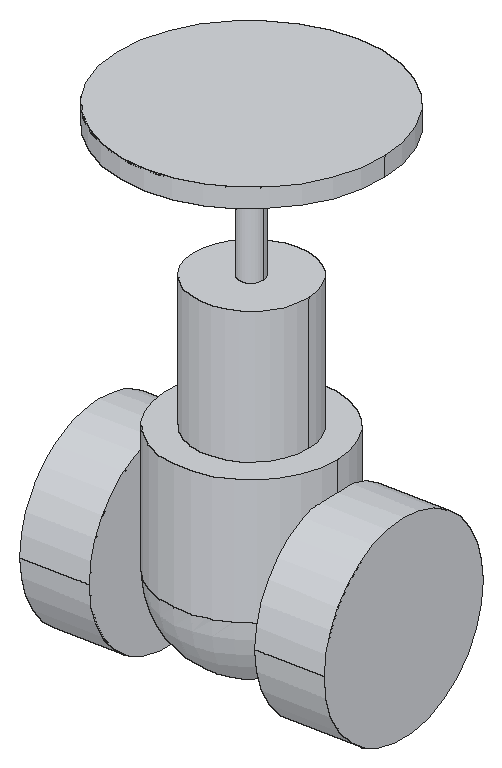
Revit family "Válvula de controle - 15-20 mm - Rosqueada - FxF", category Acessórios do tubo, Revit 2019
Family settings
  Cota do conector redondo = Usar raio
  Tipo de parte = Válvula - Quebra entre
  Com base no plano de trabalho = Não
  Sempre na vertical = Sim
  Corte com vazios quando carregada = Não
  Compartilhado = Não
Parameters (values of type "20 mm")
  Material da válvula = none
  Comprimento da válvula = 57 mm
  Altura da válvula = 78 mm
  Comprimento do símbolo = Comprimento da válvula / 2 * tan(30.00°)  # 16.454 mm
  Raio do tronco = Diâmetro do tronco / 2  # 2.261 mm
  Altura do tronco = Altura da chapeleta * 1.5  # 81.75 mm
  Diâmetro do tronco = Diâmetro do recobrimento / 7.5  # 4.522 mm
  Raio nominal = 10 mm
  Diâmetro nominal = Raio nominal * 2  # 20 mm
  Método de perda = Coeficiente K
  K Coefficient = 0.28
  Espessura da manopla = Altura da válvula / 22  # 3.545 mm
  Raio da manivela = Diâmetro da manivela / 2  # 25 mm
  Espessura da porca da manopla = Altura da válvula / 23  # 3.391 mm
  Raio da porca da manopla = Diâmetro da porca da manopla / 2  # 2.261 mm
  Diâmetro da porca da manopla = Diâmetro do tronco  # 4.522 mm
  Diâmetro da manivela = 50 mm
  Espessura da rosca = 13 mm
  Raio da rosca = Altura completa - Altura da válvula  # 18.5 mm
  Altura completa = 96.5 mm
  Espessura do recobrimento = Altura da válvula / 22  # 3.545 mm
  Raio do recobrimento = Diâmetro do recobrimento / 2  # 16.958 mm
  Diâmetro do recobrimento = Diâmetro do corpo * 1.05  # 33.915 mm
  Raio da chapeleta = Diâmetro da chapeleta / 2  # 10.767 mm
  Altura da chapeleta = 54.5 mm
  Diâmetro da chapeleta = 2 / 3 * Diâmetro do corpo  # 21.533 mm
  Raio do corpo = Diâmetro do corpo / 2  # 16.15 mm
  Altura do corpo = 42.5 mm
  Diâmetro do corpo = Comprimento da válvula - (1.9 * Espessura da rosca)  # 32.3 mm
Types (2, lengths in mm): name | Comprimento da válvula | Altura da válvula | Comprimento do símbolo | Raio do tronco | Altura do tronco | Diâmetro do tronco | Raio nominal | Diâmetro nominal | Espessura da manopla | Espessura da porca da manopla | Raio da porca da manopla | Diâmetro da porca da manopla | Espessura da rosca | Raio da rosca | Altura completa | Espessura do recobrimento | Raio do recobrimento | Diâmetro do recobrimento | Raio da chapeleta | Altura da chapeleta | Diâmetro da chapeleta | Raio do corpo | Altura do corpo | Diâmetro do corpo
  15 mm | 52 | 76.5 | 15.011 | 2.044 | 81.818 | 4.088 | 7.5 | 15 | 3.477 | 3.326 | 2.044 | 4.088 | 12 | 14.9 | 91.4 | 3.477 | 15.33 | 30.66 | 9.733 | 54.545 | 19.467 | 14.6 | 37.4 | 29.2
  20 mm | 57 | 78 | 16.454 | 2.261 | 81.75 | 4.522 | 10 | 20 | 3.545 | 3.391 | 2.261 | 4.522 | 13 | 18.5 | 96.5 | 3.545 | 16.958 | 33.915 | 10.767 | 54.5 | 21.533 | 16.15 | 42.5 | 32.3
Reference planes
  plane 1 "Centro (frente/trás)": y = 0
  plane 2: z = 0
  plane 3 "Centro (direita/esquerda)": x = 0
  plane 4: z = 78
  plane 5: x = 28.5
  plane 6: x = -28.5
  plane 7: x = -15.5
  plane 8: x = 15.5
  plane 9: z = 10
  plane 10: z = -16.15
  plane 11: z = 78
  plane 12: z = 74.455
  plane 13: z = 49.227
  plane 14: z = 24
  plane 15: y = 16.454
  plane 16: y = -16.454
  plane 17 "Topo da rosca": z = 18.5
  plane 18 "Inferior da rosca": z = -18.5
Forms (mm)
  Extrusion 1, solid, material <- "Material da válvula", detail levels fine
    sketch origin (0, 0, 0) x (0, 1, 0) y (0, 0, 1)
      loop
        circle (0, 0) r 18.5
    from -28.5 to -15.5
  Extrusion 2, solid, material <- "Material da válvula", detail levels fine
    sketch origin (0, 0, 0) x (0, 1, 0) y (0, 0, 1)
      loop
        circle (0, 0) r 18.5
    from 15.5 to 28.5
  Revolve 3, solid, material <- "Material da válvula", detail levels fine
    sketch origin (0, 0, 0) x (1, 0, 0) y (0, 0, 1)
      loop
        line (0, 16.15) -> (0, -16.15)
        arc (0, -16.15) -> (16.15, 0) -> (0, 16.15) r 16.15
      axis (0, 16.15) -> (0, -16.15)
    angle from 0 to 360
  Extrusion 4, solid, material <- "Material da válvula", detail levels fine
    sketch origin (0, 0, 0) x (1, 0, 0) y (0, 1, 0)
      loop
        circle (0, 0) r 25
    from 74.455 to 78
  Extrusion 5, solid, material <- "Material da válvula", detail levels fine
    sketch origin (0, 0, 0) x (1, 0, 0) y (0, 1, 0)
      loop
        circle (0, 0) r 2.261
    from 49.227 to 74.455
  Extrusion 6, solid, material <- "Material da válvula", detail levels fine
    sketch origin (0, 0, 0) x (1, 0, 0) y (0, 1, 0)
      loop
        circle (0, 0) r 10.767
    from 24 to 49.227
  Extrusion 7, solid, material <- "Material da válvula", detail levels fine
    sketch origin (0, 0, 0) x (1, 0, 0) y (0, 1, 0)
      loop
        circle (0, 0) r 16.15
    from 0 to 24
Cuts and joins
  joined: Extrusion 1, Extrusion 2, Revolve 3, Extrusion 4, Extrusion 5, Extrusion 6, Extrusion 7
Lines and regions (mm)
  model lines, detail levels coarse+medium
    curve 1: line (-28.5, 16.454, 0) -> (28.5, -16.454, 0)
    curve 2: line (28.5, 16.454, 0) -> (-28.5, -16.454, 0)
    curve 3: line (-28.5, 16.454, 0) -> (-28.5, -16.454, 0)
    curve 4: line (28.5, 16.454, 0) -> (28.5, -16.454, 0)
Dimensions and locks
  "Altura da válvula": plane 4 to plane 2
  "Espessura da rosca": plane 7 to plane 6
  "Raio do corpo": plane 2 to plane 10
  "Espessura da manopla": plane 11 to plane 12
  "Comprimento do símbolo": plane 15 to plane 1 "Centro (frente/trás)"
  "Comprimento do símbolo": plane 1 "Centro (frente/trás)" to plane 16
  "Espessura da rosca": plane 5 to plane 8
  equal spacing: plane 5, plane 3 "Centro (direita/esquerda)", plane 6
  "Comprimento da válvula": plane 5 to plane 6
  "Altura do corpo": plane 14 to plane 18 "Inferior da rosca"
  "Raio nominal": plane 9 to plane 2
  "Altura completa": plane 11 to plane 18 "Inferior da rosca"
  equal spacing: plane 17 "Topo da rosca", plane 2, plane 18 "Inferior da rosca"
  "Raio da rosca": plane 17 "Topo da rosca" to plane 2
  equal spacing: plane 12, plane 13, plane 14
  "Comprimento do símbolo": plane 1 "Centro (frente/trás)" to curve 3
  "Comprimento do símbolo": curve 3 to plane 1 "Centro (frente/trás)"
  "Raio da rosca": radius of Extrusion 1 sketch curve
  "Raio da rosca": radius of Extrusion 2 sketch curve
  "Raio do corpo": radius of Revolve 3 sketch curve
  "Raio da manivela": radius of Extrusion 4 sketch curve
  "Raio do tronco": radius of Extrusion 5 sketch curve
  "Raio da chapeleta": radius of Extrusion 6 sketch curve
  "Raio do corpo": radius of Extrusion 7 sketch curve
  aligned and locked: plane 2 to Extrusion 1 sketch curve
  aligned and locked: plane 1 "Centro (frente/trás)" to Extrusion 1 sketch curve
  aligned and locked: plane 2 to Extrusion 2 sketch curve
  aligned and locked: plane 1 "Centro (frente/trás)" to Extrusion 2 sketch curve
  aligned and locked: plane 3 "Centro (direita/esquerda)" to Revolve 3 sketch curve
  aligned and locked: Revolve 3 sketch curve to plane 3 "Centro (direita/esquerda)"  (x2)
  aligned and locked: plane 1 "Centro (frente/trás)" to Extrusion 4 sketch curve
  aligned and locked: plane 3 "Centro (direita/esquerda)" to Extrusion 4 sketch curve
  aligned and locked: plane 11 to Extrusion 4
  aligned and locked: Extrusion 4 to plane 12
  aligned and locked: plane 1 "Centro (frente/trás)" to Extrusion 5 sketch curve
  aligned and locked: plane 3 "Centro (direita/esquerda)" to Extrusion 5 sketch curve
  aligned and locked: plane 12 to Extrusion 5
  aligned and locked: Extrusion 5 to plane 13
  aligned and locked: plane 1 "Centro (frente/trás)" to Extrusion 6 sketch curve
  aligned and locked: plane 3 "Centro (direita/esquerda)" to Extrusion 6 sketch curve
  aligned and locked: plane 13 to Extrusion 6
  aligned and locked: plane 14 to Extrusion 6
  aligned and locked: plane 1 "Centro (frente/trás)" to Extrusion 7 sketch curve
  aligned and locked: plane 3 "Centro (direita/esquerda)" to Extrusion 7 sketch curve
  aligned and locked: plane 15 to curve 2
  aligned and locked: plane 16 to curve 4
  aligned and locked: plane 4 to plane 11
  aligned and locked: cut or joined group of Extrusion 1, Extrusion 2, Revolve 3, Extrusion 4, Extrusion 5, Extrusion 6, Extrusion 7 to plane 14
  aligned and locked: cut or joined group of Extrusion 1, Extrusion 2, Revolve 3, Extrusion 4, Extrusion 5, Extrusion 6, Extrusion 7 to plane 6
  aligned and locked: plane 7 to cut or joined group of Extrusion 1, Extrusion 2, Revolve 3, Extrusion 4, Extrusion 5, Extrusion 6, Extrusion 7
  aligned and locked: cut or joined group of Extrusion 1, Extrusion 2, Revolve 3, Extrusion 4, Extrusion 5, Extrusion 6, Extrusion 7 to plane 8
  aligned and locked: plane 5 to cut or joined group of Extrusion 1, Extrusion 2, Revolve 3, Extrusion 4, Extrusion 5, Extrusion 6, Extrusion 7
  aligned and locked: plane 2 to Revolve 3 sketch curve
  aligned and locked: cut or joined group of Extrusion 1, Extrusion 2, Revolve 3, Extrusion 4, Extrusion 5, Extrusion 6, Extrusion 7 to plane 2
Automatic sketch dimensions
  Revolve 3 sketch curve to plane 10 = 32.619 mm
  Revolve 3 sketch curve to Revolve 3 sketch curve = 60 mm
  curve 1 to plane 6 = 0 mm
  curve 2 to plane 5 = 0 mm
Connectors
  piping at (-28.5, 0, 0), diameter 20, driven by "Raio nominal"
    settings: on cut or joined group of Extrusion 1, Extrusion 2, Revolve 3, Extrusion 4, Extrusion 5, Extrusion 6, Extrusion 7, index 1, connector inside diameter 20 mm, connector length 0 mm, flow factor 0, pipe flow 0.0 L/s, pressure drop 0.0 Pa, fitting loss kfactor 0, connector angle 0.00°, fixture units 0, engagement length 0 mm, angle of deflection 0.00°, flow configuration 0, flow direction 0, fitting loss method 0, system type 29, joint type 0, gender type 0, connector reference index 2, connector utility 0, adjustable connector no, is connector primary yes, connector description ""
  piping at (28.5, 0, 0), diameter 20, driven by "Raio nominal"
    settings: on cut or joined group of Extrusion 1, Extrusion 2, Revolve 3, Extrusion 4, Extrusion 5, Extrusion 6, Extrusion 7, index 2, connector inside diameter 20 mm, connector length 0 mm, flow factor 0, pipe flow 0.0 L/s, pressure drop 0.0 Pa, fitting loss kfactor 0, connector angle 0.00°, fixture units 0, engagement length 0 mm, angle of deflection 0.00°, flow configuration 0, flow direction 0, fitting loss method 0, system type 29, joint type 0, gender type 0, connector reference index 1, connector utility 0, adjustable connector no, is connector primary no, connector description ""
